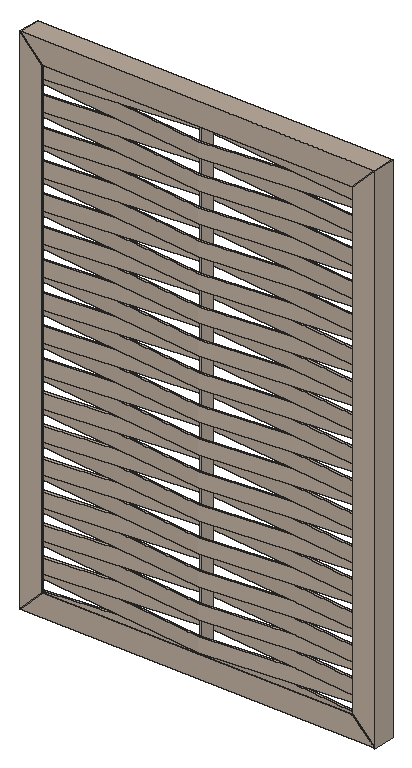
Revit family "INTERLACED_ALUMINUM_FLAT_BAR_PANEL", category Specialty Equipment, Revit 2026
Family settings
  Round Connector Dimension = Use Diameter
  Part Type = Normal
  Classification Number = 23.55.00.00
  Work Plane-Based = No
  Enable Cutting in Views = No
  Always vertical = No
  Cut with Voids When Loaded = No
  Maintain Annotation Orientation = No
  Shared = No
  Room Calculation Point = No
Parameters (values of type "Assembly")
  Width [instance] = if(Desired Overall Width < C Min Width, C Min Width, if(Desired Overall Width > C Max Width, C Max Width, Desired Overall Width))  # 4' - 0"
  Warranty URL = "https://palmshieldlouvers.com/wp-content/uploads/2020/01/PalmSHIELD-Warranty-NO-SIGN-LINE.pdf"
  Version = "2020 - v1.0a"  # constant formula
  URL = "https://palmshieldlouvers.com/"
  Product Page URL = "https://palmshieldlouvers.com/wp-content/uploads/2021/11/PS-ATHENA-INTERLACED.pdf"
  Product Documentation Link = "https://palmshieldlouvers.com/wp-content/uploads/2021/11/PS-ATHENA-INTERLACED.pdf"
  Offset From Surface = 0' - 2"  # constant formula
  Model = "Interlaced"  # constant formula
  Material = Metal - PalmSHIELD - Dusty Grey
  Manufacturer Phone Number = "531-329-4406 "  # constant formula
  Manufacturer Email = "mailto: info@palmshieldlouvers.com"
  Manufacturer Address = "12330 Cary Circle, La Vista, NE 68128"  # constant formula
  Manufacturer = "PalmSHIELD"  # constant formula
  Louver Finish = Metal - PalmSHIELD - Grey Beige
  Keynote = "05 10 00"
  Instruction Sheet Link = "https://palmshieldlouvers.com/products/interlaced-screening/"
  ID [instance] = "Not Assigned"
  Height [instance] = if(Desired Overall Height < C Min Height, C Min Height, if(Desired Overall Height > C Max Height, C Max Height, Desired Overall Height))  # 6' - 0"
  Desired Overall Width [instance] = 4' - 0"
  Desired Overall Height [instance] = 6' - 0"
  Desired Bottom Angle [instance] = 0.00°  # constant formula
  Description = "Interlaced - Panel Assembly"  # constant formula
  Default Elevation = 0' - 0"
  Copyright = "Copyright ©2024 The American Fence Company and PalmSHIELD. All Rights Reserved."  # constant formula
  Component Vis [instance] = yes
  Component Name [instance] = "Interlaced - Panel Assembly"  # constant formula
  C Min Width [instance] = 4' - 0"  # constant formula
  C Min Height [instance] = C Min Width  # 4' - 0"
  C Max Width [instance] = 5' - 0"  # constant formula
  C Max Height [instance] = 12' - 0"  # constant formula
  C Angle [instance] = if(Desired Bottom Angle > 10.00°, 10.00°, if(Desired Bottom Angle < -10.00°, -10.00°, Desired Bottom Angle))  # 0.00°
  Assembly Code = "F1020100"
Reference planes (in)
  plane 1 "Center (Front/Back)": y = 0
  plane 2: z = 0
  plane 3 "Center (Left/Right)": x = 0
  plane 4: z = 72
  plane 5: x = 48
  plane 6: y = 3
  plane 7: y = 1.5
Lines and regions (in)
  reference lines
    curve 1: line (48, 0, 96.95698) -> (48, 0, -11)
    curve 2: line (-20.8931, 0, 72) -> (71.1069, 0, 72)
Dimensions and locks (in)
  "Desired Overall Height": curve 2 to level
  "Desired Overall Width": curve 1 to plane 3 "Center (Left/Right)"
  "Height": plane 4 to level
  "Width": plane 5 to plane 3 "Center (Left/Right)"
  equal spacing: plane 1 "Center (Front/Back)", plane 7, plane 6
  aligned and locked: plane 2 to level
Automatic sketch dimensions
  curve 2 to plane 3 "Center (Left/Right)" = 1' - 8.8931"
  plane 5 to curve 2 = 1' - 11.1069"
  curve 1 to level = 0' - 11"
  plane 4 to curve 1 = 2' - 0.95698"
Nested families (in)
  nested 1: "Nested-Screening-Louver-Assembly-Panel-Palmshield-Interlaced" at (0, 0, 0), Desired Overall Width <- "Width", ID <- "ID", Component Vis <- "Component Vis", Desired Overall Height <- "Height", type "Assembly"
    with Width 4' - 0", ID "Not Assigned", Height 6' - 0", Desired Overall Width 4' - 0", Desired Overall Height 6' - 0", Component Vis yes, Component Name "Interlaced - Panel Assembly", C Top Post Length 4' - 0", C Straight Corner Angle 45.00°, C Slope Angle 0.00°, C Side Louver Separation 0' - 2 151/256", C Side Frame Width 0' - 3", C Side Adjustment 0' - 0", C Rib Thickness Bottom Offset 0' - 0 1/4", C Rib Bottom Side Offset 0' - 0", C Middle Height 5' - 9 1/2", C Louver Offset 0' - 3", C Louver Length 3' - 11 1/2", C Louver Count Top 17, C Louver Count Bottom 16, C Hip 4' - 0", C Frame Offset 0' - 2", C Desired Bottom Angle 0.00°, C Corner Offset 0' - 3", C Bottom Angle 0.00°, C B-Side Post Length 6' - 0", C B-Side Angle 45.00°, C Angle 90.00°, C A-Side Post Length 6' - 0", C A-Side Angle 45.00°
  nested 2: "Nested-L_Frame-Palmshield-Interlaced" at (0, 0, 72) x (0, 1, 0) z (1, 0, 0), type "AL L3" X 3" X 1/4""
    with Material Metal - PalmSHIELD - Grey Beige, Length 5' - 10", ID "Not Assigned", Component Name "Interlaced - Aluminum - L Frame", B-Side Cut Angle 45.00°, A-Side Cut Angle 45.00°
  nested 3: "Nested-L_Frame-Palmshield-Interlaced" at (48, 0, 2) x (0, 1, 0) z (-1, 0, 0), type "AL L3" X 3" X 1/4""
    with Material Metal - PalmSHIELD - Grey Beige, Length 5' - 10", ID "Not Assigned", Component Name "Interlaced - Aluminum - L Frame", B-Side Cut Angle 45.00°, A-Side Cut Angle 45.00°
  nested 4: "Nested-L_Frame-Palmshield-Interlaced" at (48, 0, 72) x (0, 1, 0) z (0, 0, -1), type "AL L3" X 3" X 1/4""
    with Material Metal - PalmSHIELD - Grey Beige, Length 4' - 0", ID "Not Assigned", Component Name "Interlaced - Aluminum - L Frame", B-Side Cut Angle 45.00°, A-Side Cut Angle 45.00°
  nested 5: "Nested-L_Frame-Palmshield-Interlaced" at (0, 0, 2) x (0, 1, 0) z (0, 0, 1), type "AL L3" X 3" X 1/4""
    with Material Metal - PalmSHIELD - Grey Beige, Length 4' - 0", ID "Not Assigned", Component Name "Interlaced - Aluminum - L Frame", B-Side Cut Angle 45.00°, A-Side Cut Angle 45.00°
  nested 6: "Nested-Louvers-Palmshield-Interlaced" at (0.25, 0.25, 5) x (0, 0, -1) z (1, 0, 0), type "AL FB 1/4" X 2" INTERLACED"
    with Material Metal - PalmSHIELD - Grey Beige, Length 3' - 11 1/2", ID "", Component Name "Interlaced - Aluminum - Curved Louver"
  nested 7: "Nested-Louvers-Palmshield-Interlaced" at (47.75, 2.70638, 7) x (0, 0, -1) z (-1, 0, 0), type "AL FB 1/4" X 2" INTERLACED"
    with Material Metal - PalmSHIELD - Grey Beige, Length 3' - 11 1/2", ID "", Component Name "Interlaced - Aluminum - Curved Louver"
  nested 8: "Nested-Louvers-Palmshield-Interlaced" at (0.25, 0.25, 9) x (0, 0, -1) z (1, 0, 0), type "AL FB 1/4" X 2" INTERLACED"
    with Material Metal - PalmSHIELD - Grey Beige, Length 3' - 11 1/2", ID "", Component Name "Interlaced - Aluminum - Curved Louver"
  nested 9: "Nested-Louvers-Palmshield-Interlaced" at (47.75, 2.70638, 11) x (0, 0, -1) z (-1, 0, 0), type "AL FB 1/4" X 2" INTERLACED"
    with Material Metal - PalmSHIELD - Grey Beige, Length 3' - 11 1/2", ID "", Component Name "Interlaced - Aluminum - Curved Louver"
  nested 10: "Nested-Louvers-Palmshield-Interlaced" at (0.25, 0.25, 13) x (0, 0, -1) z (1, 0, 0), type "AL FB 1/4" X 2" INTERLACED"
    with Material Metal - PalmSHIELD - Grey Beige, Length 3' - 11 1/2", ID "", Component Name "Interlaced - Aluminum - Curved Louver"
  nested 11: "Nested-Louvers-Palmshield-Interlaced" at (47.75, 2.70638, 15) x (0, 0, -1) z (-1, 0, 0), type "AL FB 1/4" X 2" INTERLACED"
    with Material Metal - PalmSHIELD - Grey Beige, Length 3' - 11 1/2", ID "", Component Name "Interlaced - Aluminum - Curved Louver"
  nested 12: "Nested-Louvers-Palmshield-Interlaced" at (0.25, 0.25, 17) x (0, 0, -1) z (1, 0, 0), type "AL FB 1/4" X 2" INTERLACED"
    with Material Metal - PalmSHIELD - Grey Beige, Length 3' - 11 1/2", ID "", Component Name "Interlaced - Aluminum - Curved Louver"
  nested 13: "Nested-Louvers-Palmshield-Interlaced" at (47.75, 2.70638, 19) x (0, 0, -1) z (-1, 0, 0), type "AL FB 1/4" X 2" INTERLACED"
    with Material Metal - PalmSHIELD - Grey Beige, Length 3' - 11 1/2", ID "", Component Name "Interlaced - Aluminum - Curved Louver"
  nested 14: "Nested-Louvers-Palmshield-Interlaced" at (47.75, 2.70638, 23) x (0, 0, -1) z (-1, 0, 0), type "AL FB 1/4" X 2" INTERLACED"
    with Material Metal - PalmSHIELD - Grey Beige, Length 3' - 11 1/2", ID "", Component Name "Interlaced - Aluminum - Curved Louver"
  nested 15: "Nested-Louvers-Palmshield-Interlaced" at (47.75, 2.70638, 27) x (0, 0, -1) z (-1, 0, 0), type "AL FB 1/4" X 2" INTERLACED"
    with Material Metal - PalmSHIELD - Grey Beige, Length 3' - 11 1/2", ID "", Component Name "Interlaced - Aluminum - Curved Louver"
  nested 16: "Nested-Louvers-Palmshield-Interlaced" at (47.75, 2.70638, 31) x (0, 0, -1) z (-1, 0, 0), type "AL FB 1/4" X 2" INTERLACED"
    with Material Metal - PalmSHIELD - Grey Beige, Length 3' - 11 1/2", ID "", Component Name "Interlaced - Aluminum - Curved Louver"
  nested 17: "Nested-Louvers-Palmshield-Interlaced" at (47.75, 2.70638, 35) x (0, 0, -1) z (-1, 0, 0), type "AL FB 1/4" X 2" INTERLACED"
    with Material Metal - PalmSHIELD - Grey Beige, Length 3' - 11 1/2", ID "", Component Name "Interlaced - Aluminum - Curved Louver"
  nested 18: "Nested-Louvers-Palmshield-Interlaced" at (47.75, 2.70638, 39) x (0, 0, -1) z (-1, 0, 0), type "AL FB 1/4" X 2" INTERLACED"
    with Material Metal - PalmSHIELD - Grey Beige, Length 3' - 11 1/2", ID "", Component Name "Interlaced - Aluminum - Curved Louver"
  nested 19: "Nested-Louvers-Palmshield-Interlaced" at (47.75, 2.70638, 43) x (0, 0, -1) z (-1, 0, 0), type "AL FB 1/4" X 2" INTERLACED"
    with Material Metal - PalmSHIELD - Grey Beige, Length 3' - 11 1/2", ID "", Component Name "Interlaced - Aluminum - Curved Louver"
  nested 20: "Nested-Louvers-Palmshield-Interlaced" at (47.75, 2.70638, 47) x (0, 0, -1) z (-1, 0, 0), type "AL FB 1/4" X 2" INTERLACED"
    with Material Metal - PalmSHIELD - Grey Beige, Length 3' - 11 1/2", ID "", Component Name "Interlaced - Aluminum - Curved Louver"
  nested 21: "Nested-Louvers-Palmshield-Interlaced" at (47.75, 2.70638, 51) x (0, 0, -1) z (-1, 0, 0), type "AL FB 1/4" X 2" INTERLACED"
    with Material Metal - PalmSHIELD - Grey Beige, Length 3' - 11 1/2", ID "", Component Name "Interlaced - Aluminum - Curved Louver"
  nested 22: "Nested-Louvers-Palmshield-Interlaced" at (47.75, 2.70638, 55) x (0, 0, -1) z (-1, 0, 0), type "AL FB 1/4" X 2" INTERLACED"
    with Material Metal - PalmSHIELD - Grey Beige, Length 3' - 11 1/2", ID "", Component Name "Interlaced - Aluminum - Curved Louver"
  nested 23: "Nested-Louvers-Palmshield-Interlaced" at (47.75, 2.70638, 59) x (0, 0, -1) z (-1, 0, 0), type "AL FB 1/4" X 2" INTERLACED"
    with Material Metal - PalmSHIELD - Grey Beige, Length 3' - 11 1/2", ID "", Component Name "Interlaced - Aluminum - Curved Louver"
  nested 24: "Nested-Louvers-Palmshield-Interlaced" at (0.25, 0.25, 21) x (0, 0, -1) z (1, 0, 0), type "AL FB 1/4" X 2" INTERLACED"
    with Material Metal - PalmSHIELD - Grey Beige, Length 3' - 11 1/2", ID "", Component Name "Interlaced - Aluminum - Curved Louver"
  nested 25: "Nested-Louvers-Palmshield-Interlaced" at (0.25, 0.25, 25) x (0, 0, -1) z (1, 0, 0), type "AL FB 1/4" X 2" INTERLACED"
    with Material Metal - PalmSHIELD - Grey Beige, Length 3' - 11 1/2", ID "", Component Name "Interlaced - Aluminum - Curved Louver"
  nested 26: "Nested-Louvers-Palmshield-Interlaced" at (0.25, 0.25, 29) x (0, 0, -1) z (1, 0, 0), type "AL FB 1/4" X 2" INTERLACED"
    with Material Metal - PalmSHIELD - Grey Beige, Length 3' - 11 1/2", ID "", Component Name "Interlaced - Aluminum - Curved Louver"
  nested 27: "Nested-Louvers-Palmshield-Interlaced" at (0.25, 0.25, 33) x (0, 0, -1) z (1, 0, 0), type "AL FB 1/4" X 2" INTERLACED"
    with Material Metal - PalmSHIELD - Grey Beige, Length 3' - 11 1/2", ID "", Component Name "Interlaced - Aluminum - Curved Louver"
  nested 28: "Nested-Louvers-Palmshield-Interlaced" at (0.25, 0.25, 37) x (0, 0, -1) z (1, 0, 0), type "AL FB 1/4" X 2" INTERLACED"
    with Material Metal - PalmSHIELD - Grey Beige, Length 3' - 11 1/2", ID "", Component Name "Interlaced - Aluminum - Curved Louver"
  nested 29: "Nested-Louvers-Palmshield-Interlaced" at (0.25, 0.25, 41) x (0, 0, -1) z (1, 0, 0), type "AL FB 1/4" X 2" INTERLACED"
    with Material Metal - PalmSHIELD - Grey Beige, Length 3' - 11 1/2", ID "", Component Name "Interlaced - Aluminum - Curved Louver"
  nested 30: "Nested-Louvers-Palmshield-Interlaced" at (0.25, 0.25, 45) x (0, 0, -1) z (1, 0, 0), type "AL FB 1/4" X 2" INTERLACED"
    with Material Metal - PalmSHIELD - Grey Beige, Length 3' - 11 1/2", ID "", Component Name "Interlaced - Aluminum - Curved Louver"
  nested 31: "Nested-Louvers-Palmshield-Interlaced" at (0.25, 0.25, 49) x (0, 0, -1) z (1, 0, 0), type "AL FB 1/4" X 2" INTERLACED"
    with Material Metal - PalmSHIELD - Grey Beige, Length 3' - 11 1/2", ID "", Component Name "Interlaced - Aluminum - Curved Louver"
  nested 32: "Nested-Louvers-Palmshield-Interlaced" at (0.25, 0.25, 53) x (0, 0, -1) z (1, 0, 0), type "AL FB 1/4" X 2" INTERLACED"
    with Material Metal - PalmSHIELD - Grey Beige, Length 3' - 11 1/2", ID "", Component Name "Interlaced - Aluminum - Curved Louver"
  nested 33: "Nested-Louvers-Palmshield-Interlaced" at (0.25, 0.25, 57) x (0, 0, -1) z (1, 0, 0), type "AL FB 1/4" X 2" INTERLACED"
    with Material Metal - PalmSHIELD - Grey Beige, Length 3' - 11 1/2", ID "", Component Name "Interlaced - Aluminum - Curved Louver"
  nested 34: "Nested-Louvers-Palmshield-Interlaced" at (0.25, 0.25, 61) x (0, 0, -1) z (1, 0, 0), type "AL FB 1/4" X 2" INTERLACED"
    with Material Metal - PalmSHIELD - Grey Beige, Length 3' - 11 1/2", ID "", Component Name "Interlaced - Aluminum - Curved Louver"
  nested 35: "Nested-Louvers-Palmshield-Interlaced" at (47.75, 2.70638, 63) x (0, 0, -1) z (-1, 0, 0), type "AL FB 1/4" X 2" INTERLACED"
    with Material Metal - PalmSHIELD - Grey Beige, Length 3' - 11 1/2", ID "", Component Name "Interlaced - Aluminum - Curved Louver"
  nested 36: "Nested-Louvers-Palmshield-Interlaced" at (0.25, 0.25, 65) x (0, 0, -1) z (1, 0, 0), type "AL FB 1/4" X 2" INTERLACED"
    with Material Metal - PalmSHIELD - Grey Beige, Length 3' - 11 1/2", ID "", Component Name "Interlaced - Aluminum - Curved Louver"
  nested 37: "Nested-Louvers-Palmshield-Interlaced" at (47.75, 2.70638, 67) x (0, 0, -1) z (-1, 0, 0), type "AL FB 1/4" X 2" INTERLACED"
    with Material Metal - PalmSHIELD - Grey Beige, Length 3' - 11 1/2", ID "", Component Name "Interlaced - Aluminum - Curved Louver"
  nested 38: "Nested-Louvers-Palmshield-Interlaced" at (0.25, 0.25, 69) x (0, 0, -1) z (1, 0, 0), type "AL FB 1/4" X 2" INTERLACED"
    with Material Metal - PalmSHIELD - Grey Beige, Length 3' - 11 1/2", ID "", Component Name "Interlaced - Aluminum - Curved Louver"
  nested 39: "Nested-FB_Frame-Palmshield-Interlaced" at (23.875, 2.5, 71.75) x (1, 0, 0) z (0, -1, 0), type "AL FB 1/4" X 2" INTERLACED"
    with Material Metal - PalmSHIELD - Grey Beige, Length 5' - 9 1/2", ID "", Component Name "Interlaced - Aluminum - FB Frame"
Definition of nested family "Nested-L_Frame-Palmshield-Interlaced"
  Parameters (values of type "AL L3" X 3" X 1/4"")
    Width = 0' - 3"  # constant formula
    Warranty URL = "https://palmshieldlouvers.com/wp-content/uploads/2020/01/PalmSHIELD-Warranty-NO-SIGN-LINE.pdf"
    Version = "2020 - v1.0a"  # constant formula
    URL = "https://palmshieldlouvers.com/"
    Thickness = 0' - 0 1/4"  # constant formula
    Product Page URL = "https://palmshieldlouvers.com/products/interlaced-screening/"
    Product Documentation Link = "https://palmshieldlouvers.com/wp-content/uploads/2021/11/PS-ATHENA-INTERLACED.pdf"
    Model = "Interlaced"  # constant formula
    Material [instance] = none
    Manufacturer Phone Number = "531-329-4406 "  # constant formula
    Manufacturer Fax Number = "Consult Manufacturer Website for More Information"  # constant formula
    Manufacturer Email = "mailto: info@palmshieldlouvers.com"
    Manufacturer Address = "12330 Cary Circle, La Vista, NE 68128"  # constant formula
    Manufacturer = "PalmSHIELD"  # constant formula
    Length [instance] = 4' - 4.86713"
    Keynote = "05 10 00"
    Instruction Sheet Link = "https://palmshieldlouvers.com/wp-content/uploads/2021/11/PS-ATHENA-INTERLACED.pdf"
    ID [instance] = ""
    Description = "Interlaced - L Frame"  # constant formula
    Default Elevation = 4' - 0"
    Copyright = "Copyright ©2024 The American Fence Company and PalmSHIELD. All Rights Reserved."  # constant formula
    Component Name [instance] = "Interlaced - Aluminum - L Frame"  # constant formula
    C Hole Offset = 0' - 1 1/2"  # constant formula
    B-Side Cut Angle [instance] = 45.00°
    Assembly Code = "F1020100"
    A-Side Cut Angle [instance] = 45.00°
  Reference planes (in)
    plane 1 "Center (Front/Back)": y = 0
    plane 2: z = 0
    plane 3 "Center (Left/Right)": x = 0
    plane 4: x = 3
    plane 5: y = -52.86713
    plane 6: z = 3
  Forms (in)
    Extrusion 1, solid
      sketch origin (0, 0, 0) x (1, 0, 0) y (0, 1, 0)
        loop
          line (-48, 48) -> (-48, -48) -> (48, -48) -> (48, 48) -> (-48, 48)
      from 0 to -12
    Sweep 2, solid, material <- "Material"
      path origin (0, 0, 0) x (0, 1, 0) y (0, 0, 1)
        loop
          line (0, 0) -> (-52.86713, 0)
      profile "Profile-Palmshield-L : AL L3" X 3" X 1/4" - 6061-T6" origin (0, -26.43357, 0) x (0, 0, -1) y (1, 0, 0)
        loop
          line (-0.3125, 0.25) -> (-2.875, 0.25)
          arc (-2.875, 0.25) -> (-2.96339, 0.21339) -> (-3, 0.125) r 0.125
          line (-3, 0.125) -> (-3, 0) -> (0, 0) -> (0, 3) -> (-0.125, 3)
          arc (-0.125, 3) -> (-0.21339, 2.96339) -> (-0.25, 2.875) r 0.125
          line (-0.25, 2.875) -> (-0.25, 0.3125)
          arc (-0.25, 0.3125) -> (-0.26831, 0.26831) -> (-0.3125, 0.25) r 0.0625
    Extrusion 3, void
      sketch origin (0, 0, 0) x (0, 1, 0) y (0, 0, 1)
        loop
          line (-3, 3) -> (0, 0) -> (4.7449, 0) -> (4.7449, 3) -> (-3, 3)
        loop
          line (-57.61203, 3) -> (-57.61203, 0) -> (-52.86713, 0) -> (-49.86713, 3) -> (-57.61203, 3)
      from 0 to 3
  Cuts and joins
    Extrusion 3 cuts Sweep 2
  Dimensions and locks (in)
    "Width": plane 3 "Center (Left/Right)" to plane 4
    "Length": plane 1 "Center (Front/Back)" to plane 5
    "Width": plane 6 to plane 2
    locked: Extrusion 3 sketch curve to plane 1 "Center (Front/Back)" at 4.7449
    locked: plane 5 to Extrusion 3 sketch curve at 4.7449
    "B-Side Cut Angle": angle Extrusion 3 sketch curve to plane 1 "Center (Front/Back)"
    "A-Side Cut Angle": angle plane 5 to Extrusion 3 sketch curve
    aligned and locked: plane 2 to Extrusion 1
    aligned and locked: level to Extrusion 1
    aligned and locked: plane 1 "Center (Front/Back)" to Sweep 2 sketch curve
    aligned and locked: plane 5 to Sweep 2 sketch curve
    aligned and locked: Extrusion 3 sketch curve to plane 6
    aligned and locked: level to Extrusion 3 sketch curve
    aligned and locked: plane 6 to Extrusion 3 sketch curve
    aligned and locked: Extrusion 3 sketch curve to plane 2
    aligned and locked: plane 1 "Center (Front/Back)" to Extrusion 3 sketch curve
    aligned and locked: plane 2 to Extrusion 3 sketch curve
    aligned and locked: plane 5 to Extrusion 3 sketch curve
    aligned and locked: Extrusion 3 to plane 3 "Center (Left/Right)"
    aligned and locked: Extrusion 3 to plane 4
  Automatic sketch dimensions
    Extrusion 1 sketch curve to Extrusion 1 sketch curve = 8' - 0"  (x2)
    Sweep 2 sketch curve to level = 0' - 0"
Definition of nested family "Nested-Louvers-Palmshield-Interlaced"
  Parameters (values of type "AL FB 1/4" X 2" INTERLACED")
    Width = 0' - 2"  # constant formula
    Warranty URL = "https://palmshieldlouvers.com/wp-content/uploads/2020/01/PalmSHIELD-Warranty-NO-SIGN-LINE.pdf"
    Version = "2020 - v1.0a"  # constant formula
    URL = "https://palmshieldlouvers.com/"
    Thickness = 0' - 0 1/4"  # constant formula
    Product Page URL = "https://palmshieldlouvers.com/products/interlaced-screening/"
    Product Documentation Link = "https://palmshieldlouvers.com/wp-content/uploads/2021/11/PS-ATHENA-INTERLACED.pdf"
    Model = "Interlaced"  # constant formula
    Material [instance] = none
    Manufacturer Phone Number = "531-329-4406 "  # constant formula
    Manufacturer Fax Number = "Consult Manufacturer Website for More Information"  # constant formula
    Manufacturer Email = "mailto: info@palmshieldlouvers.com"
    Manufacturer Address = "12330 Cary Circle, La Vista, NE 68128"  # constant formula
    Manufacturer = "PalmSHIELD"  # constant formula
    Length [instance] = 4' - 4.86713"
    Keynote = "05 10 00"
    Instruction Sheet Link = "https://palmshieldlouvers.com/wp-content/uploads/2021/11/PS-ATHENA-INTERLACED.pdf"
    ID [instance] = ""
    Description = "Interlaced - Curved Louver"  # constant formula
    Default Elevation = 4' - 0"
    Copyright = "Copyright ©2024 The American Fence Company and PalmSHIELD. All Rights Reserved."  # constant formula
    Component Name [instance] = "Interlaced - Aluminum - Curved Louver"  # constant formula
    Assembly Code = "F1020100"
  Reference planes (in)
    plane 1 "Center (Front/Back)": y = 0
    plane 2: z = 0
    plane 3 "Center (Left/Right)": x = 0
    plane 4: z = 52.86713
    plane 5: x = 2
    plane 6: z = 26.43357
  Forms (in)
    Extrusion 1, solid
      sketch origin (0, 0, 0) x (1, 0, 0) y (0, 1, 0)
        loop
          line (-48, 48) -> (-48, -48) -> (48, -48) -> (48, 48) -> (-48, 48)
      from 0 to -12
  Dimensions and locks (in)
    "Length": plane 4 to level
    equal spacing: plane 4, plane 6, level
    aligned and locked: plane 2 to Extrusion 1
    aligned and locked: level to Extrusion 1
    aligned and locked: nested 1 to Extrusion 1
    aligned and locked: plane 1 "Center (Front/Back)" to nested 1
  Automatic sketch dimensions
    Extrusion 1 sketch curve to Extrusion 1 sketch curve = 8' - 0"  (x2)
  Nested families (in)
    nested 1: "Nested - Curve" at (0, 0, 26.43357) x (0, 0, -1) z (1, 0, 0), type "Nested - Curve"
  Definition of nested family "Nested - Curve"
    Parameters (values of type "Nested - Curve")
      Width = 4' - 4.86713"
      Thickness = 0' - 0 1/4"
      Radius = Internal Radius + Thickness  # 12' - 11.52408"
      Louver Width = 0' - 2"
      Internal Radius = ((Width ^ 2) / (8 * C))  # 12' - 11.27408"
      Finish = none
      Default Elevation = 0' - 0"
      Cut Distance = Radius + 0' 4"  # 13' - 3.52408"
      C = 0' - 2 1/4"  # constant formula
    Reference planes (in)
      plane 1 "Center (Front/Back)": y = 0
      plane 2: z = 0
      plane 3 "Center (Left/Right)": x = 0
      plane 4: x = -26.43357
      plane 5: x = 26.43357
      plane 6: y = 2.25
      plane 7: y = 2.5
      plane 8: y = -153.02408
      plane 9: x = -159.52408
      plane 10: x = 159.52408
      plane 11: y = -312.54816
      plane 12: z = 2
    Forms (in)
      Extrusion 1, solid, material <- "Finish"
        sketch origin (0, 0, 0) x (1, 0, 0) y (0, 1, 0)
          loop
            circle (0, -153.02408) r 155.52408
          loop
            circle (0, -153.02408) r 155.27408
        from 0 to 2
      Extrusion 2, void
        sketch origin (0, 0, 0) x (1, 0, 0) y (0, 1, 0)
          loop
            line (-26.43357, 2.5) -> (-159.52408, 2.5) -> (-159.52408, -312.54816) -> (159.52408, -312.54816) -> (159.52408, 2.5) -> (26.43357, 2.5) -> (26.43357, 0) -> (-26.43357, 0) -> (-26.43357, 2.5)
        from 0 to 2
    Cuts and joins
      Extrusion 2 cuts Extrusion 1
    Dimensions and locks (in)
      equal spacing: plane 4, plane 3 "Center (Left/Right)", plane 5
      "Width": plane 4 to plane 5
      "C": plane 1 "Center (Front/Back)" to plane 6
      "Thickness": plane 7 to plane 6
      "Radius": plane 7 to plane 8
      "Cut Distance": plane 9 to plane 3 "Center (Left/Right)"
      "Cut Distance": plane 3 "Center (Left/Right)" to plane 10
      "Cut Distance": plane 8 to plane 11
      "Louver Width": plane 12 to level
      "Radius": radius of Extrusion 1 sketch curve
      "Internal Radius": radius of Extrusion 1 sketch curve
      aligned and locked: plane 2 to level
      aligned and locked: plane 8 to Extrusion 1 sketch curve  (x2)
      aligned and locked: Extrusion 1 sketch curve to plane 3 "Center (Left/Right)"  (x2)
      aligned and locked: Extrusion 2 sketch curve to plane 7  (x2)
      aligned and locked: plane 5 to Extrusion 2 sketch curve
      aligned and locked: Extrusion 2 sketch curve to plane 4
      aligned and locked: plane 1 "Center (Front/Back)" to Extrusion 2 sketch curve
      aligned and locked: plane 9 to Extrusion 2 sketch curve
      aligned and locked: Extrusion 2 sketch curve to plane 10
      aligned and locked: plane 11 to Extrusion 2 sketch curve
      aligned and locked: plane 12 to Extrusion 2
      aligned and locked: Extrusion 2 to Extrusion 1
Definition of nested family "Nested-FB_Frame-Palmshield-Interlaced"
  Parameters (values of type "AL FB 1/4" X 2" INTERLACED")
    Width = 0' - 2"  # constant formula
    Warranty URL = "https://palmshieldlouvers.com/wp-content/uploads/2020/01/PalmSHIELD-Warranty-NO-SIGN-LINE.pdf"
    Version = "2020 - v1.0a"  # constant formula
    URL = "https://palmshieldlouvers.com/"
    Thickness = 0' - 0 1/4"  # constant formula
    Product Page URL = "https://palmshieldlouvers.com/products/interlaced-screening/"
    Product Documentation Link = "https://palmshieldlouvers.com/wp-content/uploads/2021/11/PS-ATHENA-INTERLACED.pdf"
    Model = "Interlaced"  # constant formula
    Material [instance] = none
    Manufacturer Phone Number = "531-329-4406 "  # constant formula
    Manufacturer Fax Number = "Consult Manufacturer Website for More Information"  # constant formula
    Manufacturer Email = "mailto: info@palmshieldlouvers.com"
    Manufacturer Address = "12330 Cary Circle, La Vista, NE 68128"  # constant formula
    Manufacturer = "PalmSHIELD"  # constant formula
    Length [instance] = 4' - 4.86713"
    Keynote = "05 10 00"
    Instruction Sheet Link = "https://palmshieldlouvers.com/wp-content/uploads/2021/11/PS-ATHENA-INTERLACED.pdf"
    ID [instance] = ""
    Description = "Interlaced - Aluminum - FB Frame"  # constant formula
    Default Elevation = 4' - 0"
    Copyright = "Copyright ©2024 The American Fence Company and PalmSHIELD. All Rights Reserved."  # constant formula
    Component Name [instance] = "Interlaced - Aluminum - FB Frame"  # constant formula
    Assembly Code = "F1020100"
  Reference planes (in)
    plane 1 "Center (Front/Back)": y = 0
    plane 2: z = 0
    plane 3 "Center (Left/Right)": x = 0
    plane 4: x = 0.25
    plane 5: y = -52.86713
    plane 6: z = 2
    plane 7: x = 0.125
    plane 8: z = 1
  Forms (in)
    Extrusion 1, solid
      sketch origin (0, 0, 0) x (1, 0, 0) y (0, 1, 0)
        loop
          line (-48, 48) -> (-48, -48) -> (48, -48) -> (48, 48) -> (-48, 48)
      from 0 to -12
    Sweep 2, solid, material <- "Material"
      path origin (0, 0, 0) x (0, 1, 0) y (0, 0, 1)
        loop
          line (0, 0) -> (-52.86713, 0)
      profile "Profile-Palmshield-L : AL L3" X 3" X 1/4" - 6061-T6" origin (0, -26.43357, 0) x (0, 0, -1) y (1, 0, 0)
        loop
          line (0, 0) -> (0, 0.25) -> (-2, 0.25) -> (-2, 0) -> (0, 0)
  Dimensions and locks (in)
    "Thickness": plane 3 "Center (Left/Right)" to plane 4
    "Length": plane 1 "Center (Front/Back)" to plane 5
    "Width": plane 6 to plane 2
    equal spacing: plane 3 "Center (Left/Right)", plane 7, plane 4
    equal spacing: plane 6, plane 8, plane 2
    aligned and locked: plane 2 to Extrusion 1
    aligned and locked: level to Extrusion 1
    aligned and locked: plane 1 "Center (Front/Back)" to Sweep 2 sketch curve
    aligned and locked: plane 5 to Sweep 2 sketch curve
  Automatic sketch dimensions
    Extrusion 1 sketch curve to Extrusion 1 sketch curve = 8' - 0"  (x2)
    Sweep 2 sketch curve to level = 0' - 0"
